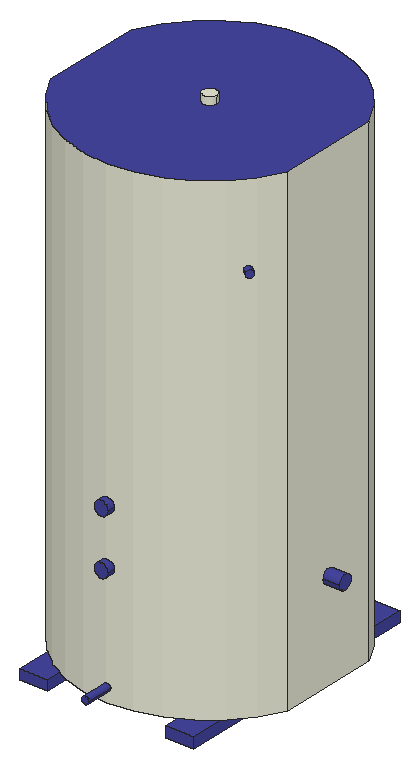
Revit family "REVIT-DWST-2018", category Mechanical Equipment, Revit 2018
Family settings
  Round Connector Dimension = Use Radius
  Part Type = Normal
  Work Plane-Based = No
  Always vertical = Yes
  Cut with Voids When Loaded = No
  Shared = No
  Room Calculation Point = No
Parameters (values of type "ADT-175-J")
  Weight = 855
  Unit Radius = Unit Diameter / 2  # 18 1/2"
  Unit Height = 71"
  Unit Diameter = 37"
  URL = "www.pvi.com"
  To Heater NPT = 2"
  SkidWidthBetweenCenters = 21"
  Skid Spacing = SkidWidthBetweenCenters - 4"  # 17"
  Skid Length = 37"
  Relief Radius = Relief NPT / 2  # 1/2"
  Relief NPT = 1"
  Relief Height = 59 5/16"
  Relief Extension = Unit Radius + 1"  # 19 1/2"
  Relief Angle = 38.00°
  Phone Number = "817-335-3419"
  Model = "L 175A-TR"
  Manway Access Radius = 6 1/2"
  Manway Acces Panel [instance] = Gallons Storage > 6.0881 m³  # no
  Manufacturer = "PVI Industries, LLC"
  Location [instance] = "Please Enter Installation Location"
  Hot Outlet Radius = Hot Outlet NPT / 2  # 1"
  Height to Upper Drain = 25.13957"
  Gallons Storage = 4.9554 m³
  From Heater Radius = From Heater NPT / 2  # 1"
  Hot Outlet NPT = 2"
  From Heater NPT = 2"
  From Heater Height = 19"
  From Heater Extension = Unit Radius + 1"  # 19 1/2"
  Hydronic Pressure Drop [instance] = 0.00 psi
  To Heater Radius = To Heater NPT / 2  # 1"
  To Heater Height = 27"
  To Heater Extension = Unit Radius + 1"  # 19 1/2"
  Hydronic Flow [instance] = 0 GPM
  Flat Side Distance = if(Unit Radius = 18 1/2", 34", 2 * Unit Radius - 1" / 256)  # 34"
  Drain Radius = Drain NPT / 2  # 1/2"
  Drain NPT = 1"
  Drain Height = 3 1/2"
  Drain Extension = Unit Radius + 3 7/8"  # 22 3/8"
  Drain Angle = 90.00°
  Domestic Water Pressure Drop [instance] = 0.00 psi
  Domestic Water Flow [instance] = 0 GPM
  Disclaimer = "This rendering is for building modeling purposes only. Submittal/catalog is still the contract document. PVI reserves the right to change design and specification without notice."
  Description = "Storage Tanks for Hot Water"
  Controll Access Angle = 45.00°
  Manway Access Extension = if(Unit Radius < 19", 1", Unit Radius + 3")  # 1"
  Cold Inlet Radius = Cold Inlet NPT / 2  # 1"
  Cold Inlet NPT = 2"
  Cold Inlet Height = 15 3/4"
  Cold Inlet Extension = Unit Radius + 1"  # 19 1/2"
  Assembly Code = "D3040400"
  Address = "3209 Galvez Ave., Fort Worth, TX 76111"
Types (8): name | Weight | Unit Radius | Unit Height | Unit Diameter | To Heater NPT | SkidWidthBetweenCenters | Skid Spacing | Skid Length | Relief Height | Relief Extension | Relief Angle | Model | Manway Acces Panel | Hot Outlet Radius | Gallons Storage | From Heater Radius | Hot Outlet NPT | From Heater NPT | From Heater Height | From Heater Extension | To Heater Radius | To Heater Height | To Heater Extension | Flat Side Distance | Drain Radius | Drain NPT | Drain Height | Drain Extension | Manway Access Extension | Cold Inlet Radius | Cold Inlet NPT | Cold Inlet Height | Cold Inlet Extension
  ADT-175-J | 855 | 18 1/2" | 71" | 37" | 2" | 21" | 17" | 37" | 59 5/16" | 19 1/2" | 38.00° | "L 175A-TR" | no | 1" | 4.9554 m³ | 1" | 2" | 2" | 19" | 19 1/2" | 1" | 27" | 19 1/2" | 34" | 1/2" | 1" | 3 1/2" | 22 3/8" | 1" | 1" | 2" | 15 3/4" | 19 1/2"
  ADT-215-J | 895 | 18 1/2" | 78" | 37" | 2" | 21" | 17" | 37" | 65 7/8" | 19 1/2" | 38.00° | "L 215A-TR" | no | 1" | 6.0881 m³ | 1" | 2" | 2" | 19" | 19 1/2" | 1" | 27" | 19 1/2" | 34" | 1/2" | 1" | 3 1/2" | 22 3/8" | 1" | 1" | 2" | 15 3/4" | 19 1/2"
  ADT-250-J | 945 | 23" | 63" | 46" | 2" | 31" | 27" | 46" | 46 1/4" | 24" | 45.00° | "L 250A-TR" | yes | 1" | 7.0792 m³ | 1" | 2" | 2" | 19" | 24" | 1" | 27" | 24" | 45 255/256" | 1/2" | 1" | 3 1/2" | 26 7/8" | 26" | 1" | 2" | 17 7/8" | 24"
  ADT-300-J | 1010 | 23" | 75" | 46" | 2" | 31" | 27" | 46" | 58 1/4" | 24" | 45.00° | "L 300A-TR" | yes | 1" | 8.4951 m³ | 1" | 2" | 2" | 19" | 24" | 1" | 27" | 24" | 45 255/256" | 1/2" | 1" | 3 1/2" | 26 7/8" | 26" | 1" | 2" | 17 7/8" | 24"
  ADT-400-J | 1070 | 23" | 87" | 46" | 2" | 31" | 27" | 46" | 70 1/4" | 24" | 45.00° | "L 400A-TR" | yes | 1" | 11.327 m³ | 1" | 2" | 2" | 19" | 24" | 1" | 27" | 24" | 45 255/256" | 1/2" | 1" | 3 1/2" | 26 7/8" | 26" | 1" | 2" | 17 7/8" | 24"
  ADT-500-J | 1415 | 28" | 78" | 56" | 3" | 31" | 27" | 54 1/2" | 59 1/2" | 29" | 38.00° | "L 500A-TR" | yes | 1 1/2" | 14.158 m³ | 1 1/2" | 3" | 3" | 24" | 29" | 1 1/2" | 32" | 29" | 55 255/256" | 3/4" | 1 1/2" | 3 3/4" | 31 7/8" | 31" | 1 1/2" | 3" | 19 3/4" | 29"
  ADT-600-J | 1605 | 28" | 90" | 56" | 3" | 31" | 27" | 54 1/2" | 71 1/2" | 29" | 38.00° | "L 600A-TR" | yes | 1 1/2" | 16.99 m³ | 1 1/2" | 3" | 3" | 24" | 29" | 1 1/2" | 32" | 29" | 55 255/256" | 3/4" | 1 1/2" | 3 3/4" | 31 7/8" | 31" | 1 1/2" | 3" | 19 3/4" | 29"
  ADT-750-J | 1770 | 33 1/2" | 83" | 67" | 3" | 40" | 36" | 68" | 62 1/4" | 34 1/2" | 45.00° | "L 750A-TR" | yes | 1 1/2" | 21.238 m³ | 1 1/2" | 3" | 3" | 24" | 34 1/2" | 1 1/2" | 32" | 34 1/2" | 66 255/256" | 3/4" | 1 1/2" | 3 3/4" | 37 3/8" | 36 1/2" | 1 1/2" | 3" | 22 1/2" | 34 1/2"
Reference planes (in)
  plane 1 "Center (Front/Back)": y = 0
  plane 2: z = 0
  plane 3 "Center (Left/Right)": x = 0
  plane 4 "TankBottom": z = 1.5
  plane 5 "DrainValve": z = 3.5
  plane 6 "ColdWaterInlet": z = 15.75
  plane 7 "Heater Circulate In": z = 19
  plane 8 "Heater Circulate Out": z = 27
  plane 9 "Relief Valve": z = 59.3125
  plane 10 "Unit Height": z = 71
  plane 11 "Control Access": z = 32
  plane 12 "UpperDrainValveAngle": through (0, 0, 90) normal (0.891, 0.454, 0)
Forms (in)
  Extrusion 1, solid, material "Pans"
    sketch origin (0, 0, 0) x (1, 0, 0) y (0, 1, 0)
      loop
        line (-12.5, 18.5) -> (-12.5, -18.5) -> (-8.5, -18.5) -> (-8.5, 18.5) -> (-12.5, 18.5)
      loop
        line (8.5, 18.5) -> (8.5, -18.5) -> (12.5, -18.5) -> (12.5, 18.5) -> (8.5, 18.5)
    from 0 to 1.5
  Extrusion 2, solid, material "Tank"
    sketch origin (-60, -180, 1.5) x (-1, 0, 0) y (0, -1, 0)
      loop
        line (-43, -187.29726) -> (-43, -172.70274)
        arc (-43, -172.70274) -> (-60, -161.5) -> (-77, -172.70274) r 18.5
        line (-77, -172.70274) -> (-77, -187.29726)
        arc (-77, -187.29726) -> (-60, -198.5) -> (-43, -187.29726) r 18.5
    from 0 to 69.5
  Sweep 3, solid, material "Tank"
    path in 3D
      loop
        line (0, 0, 3.5) -> (0, -22.375, 3.5)
    profile origin (0, -11.1875, 3.5) x (1, 0, 0) y (0, 0, 1)
      loop
        circle (0, 0) r 0.5
  Sweep 4, solid, material "Tank"
    path in 3D
      loop
        line (0, 0, 19) -> (0, -19.5, 19)
    profile origin (0, -9.75, 19) x (1, 0, 0) y (0, 0, 1)
      loop
        circle (0, 0) r 1
  Sweep 5, solid, material "Tank"
    path in 3D
      loop
        line (0, 0, 27) -> (0, -19.5, 27)
    profile origin (0, -9.75, 27) x (1, 0, 0) y (0, 0, 1)
      loop
        circle (0, 0) r 1
  Sweep 6, solid, material "Tank"
    path in 3D
      loop
        line (0, 0, 15.75) -> (19.5, 0, 15.75)
    profile origin (9.75, 0, 15.75) x (0, 1, 0) y (0, 0, 1)
      loop
        circle (0, 0) r 1
  Sweep 7, solid, material "Tank"
    path in 3D
      loop
        line (0, 0, 59.3125) -> (15.36621, -12.0054, 59.3125)
    profile origin (7.6831, -6.0027, 59.3125) x (0.615661, 0.788011, 0) y (0, 0, 1)
      loop
        circle (0, 0) r 0.5
  Extrusion 8, solid, material "Tank"
    sketch origin (0, 0, 71) x (-1, 0, 0) y (0, -1, 0)
      loop
        circle (0, 0) r 1
    from 0 to 1
  Sweep 9, solid, material "Tank"
    path in 3D
      loop
        line (0, 0, 32) -> (0.70711, 0.70711, 32)
    profile origin (0.35355, 0.35355, 32) x (-0.707107, 0.707107, 0) y (0, 0, 1)
      loop
        circle (0, 0.25) r 6.5
Cuts and joins
  joined: Extrusion 2, Sweep 3, Sweep 4, Sweep 5, Sweep 6, Sweep 7, Extrusion 8, Sweep 9
Lines and regions (in)
  reference lines
    curve 1: line (0, 0, 3.5) -> (0, -22.375, 3.5)
    curve 2: line (0, 0, 15.75) -> (19.5, 0, 15.75)
    curve 3: line (0, 0, 19) -> (0, -19.5, 19)
    curve 4: line (0, 0, 27) -> (0, -19.5, 27)
    curve 5: line (0, 0, 59.3125) -> (15.36621, -12.0054, 59.3125)
    curve 11: line (0, 0, 1.5) -> (0, 0, 71)
    curve 12: line (0, 0, 32) -> (0.70711, 0.70711, 32)
  sketch lines
    curve 6: line (0, 0, 3.5) -> (0, -22.375, 3.5)
    curve 7: line (0, 0, 19) -> (0, -19.5, 19)
    curve 8: line (0, 0, 27) -> (0, -19.5, 27)
    curve 9: line (0, 0, 15.75) -> (19.5, 0, 15.75)
    curve 10: line (0, 0, 59.3125) -> (15.36621, -12.0054, 59.3125)
    curve 13: line (0, 0, 32) -> (0.70711, 0.70711, 32)
Dimensions and locks (in)
  equal spacing: Extrusion 1 sketch curve, plane 3 "Center (Left/Right)", Extrusion 1 sketch curve
  Extrusion 1 sketch curve to Extrusion 1 sketch curve = 4"  (x2)
  "Skid Spacing": Extrusion 1 sketch curve to Extrusion 1 sketch curve
  "Skid Length": Extrusion 1 sketch curve to Extrusion 1 sketch curve
  equal spacing: Extrusion 1 sketch curve, plane 1 "Center (Front/Back)", Extrusion 1 sketch curve
  "Drain Extension": curve 1 to curve 1
  "Cold Inlet Extension": curve 2 to curve 2
  "From Heater Extension": curve 3 to curve 3
  "To Heater Extension": curve 4 to curve 4
  "Relief Extension": curve 5 to curve 5
  locked: plane 4 "TankBottom" to level at 1.5
  "Drain Height": plane 5 "DrainValve" to level
  "Cold Inlet Height": plane 6 "ColdWaterInlet" to level
  "From Heater Height": plane 7 "Heater Circulate In" to level
  "To Heater Height": plane 8 "Heater Circulate Out" to level
  "Relief Height": plane 9 "Relief Valve" to level
  equal spacing: Extrusion 2 sketch curve, plane 3 "Center (Left/Right)", Extrusion 2 sketch curve
  "Flat Side Distance": Extrusion 2 sketch curve to Extrusion 2 sketch curve
  "Unit Height": plane 10 "Unit Height" to level
  locked: plane 11 "Control Access" to level at 32
  "Manway Access Extension": curve 12 to curve 12
  "Drain Radius": radius of Sweep 3 sketch curve
  "From Heater Radius": radius of Sweep 4 sketch curve
  "To Heater Radius": radius of Sweep 5 sketch curve
  "Cold Inlet Radius": radius of Sweep 6 sketch curve
  "Relief Radius": radius of Sweep 7 sketch curve
  "Unit Radius": radius of Extrusion 2 sketch curve  (x2)
  "Hot Outlet Radius": radius of Extrusion 8 sketch curve
  "Manway Access Radius": radius of Sweep 9 sketch curve
  "Drain Angle": angle curve 1 to plane 1 "Center (Front/Back)"
  "Relief Angle": angle curve 5 to plane 1 "Center (Front/Back)"
  "Controll Access Angle": angle plane 1 "Center (Front/Back)" to curve 12
  angle plane 12 "UpperDrainValveAngle" to plane 1 "Center (Front/Back)" = 63.00°
  aligned and locked: Extrusion 1 sketch curve to Extrusion 1 sketch curve  (x2)
  aligned and locked: plane 1 "Center (Front/Back)" to curve 1
  aligned and locked: plane 3 "Center (Left/Right)" to curve 1
  aligned and locked: plane 3 "Center (Left/Right)" to curve 2
  aligned and locked: plane 1 "Center (Front/Back)" to curve 2
  aligned and locked: plane 1 "Center (Front/Back)" to curve 3
  aligned and locked: curve 3 to plane 3 "Center (Left/Right)"
  aligned and locked: plane 1 "Center (Front/Back)" to curve 4
  aligned and locked: curve 4 to plane 3 "Center (Left/Right)"
  aligned and locked: plane 1 "Center (Front/Back)" to curve 5
  aligned and locked: curve 5 to curve 4
  aligned and locked: plane 10 "Unit Height" to cut or joined group of Extrusion 2, Sweep 3, Sweep 4, Sweep 5, Sweep 6, Sweep 7, Extrusion 8, Sweep 9
  aligned and locked: plane 10 "Unit Height" to curve 11
  aligned and locked: plane 4 "TankBottom" to curve 11
  aligned and locked: plane 1 "Center (Front/Back)" to curve 11
  aligned and locked: plane 3 "Center (Left/Right)" to Extrusion 8 sketch curve
  aligned and locked: plane 1 "Center (Front/Back)" to Extrusion 8 sketch curve
Automatic sketch dimensions
  Sweep 3 sketch curve to profile plane = 0"  (x2)
  Sweep 4 sketch curve to profile plane = 0"  (x2)
  Sweep 5 sketch curve to profile plane = 0"  (x2)
  Sweep 6 sketch curve to profile plane = 0"  (x2)
  Sweep 7 sketch curve to profile plane = 0"  (x2)
  Sweep 9 sketch curve to profile plane = 0"
  profile plane to Sweep 9 sketch curve = 1/4"
  Extrusion 2 sketch curve to Extrusion 2 sketch curve = 0"  (x2)
  plane 1 "Center (Front/Back)" to Extrusion 2 sketch curve = 0"
  Extrusion 2 sketch curve to plane 3 "Center (Left/Right)" = 0"
  plane 1 "Center (Front/Back)" to curve 12 = 0"
  curve 12 to plane 3 "Center (Left/Right)" = 0"
Connectors (in)
  piping at (0, 0, 72), diameter 2, driven by "Domestic Water Flow", driven by "Domestic Water Pressure Drop", driven by "Hot Outlet Radius"
    settings: on cut or joined group of Extrusion 2, Sweep 3, Sweep 4, Sweep 5, Sweep 6, Sweep 7, Extrusion 8, Sweep 9, index 1, connector inside diameter 2", connector length 0", flow factor 0, pipe flow 0 GPM, pressure drop 0.00 psi, fitting loss kfactor 0, connector angle 0.00°, fixture units 0, engagement length 0", angle of deflection 0.00°, flow configuration 0, flow direction 2, fitting loss method 4, system type 19, joint type 0, gender type 0, connector reference index 2, connector utility 0, adjustable connector no, is connector primary yes, connector description "Potable Hot Water"
  piping at (19.5, 0, 15.75), diameter 2, driven by "Domestic Water Flow", driven by "Cold Inlet Radius"
    settings: on cut or joined group of Extrusion 2, Sweep 3, Sweep 4, Sweep 5, Sweep 6, Sweep 7, Extrusion 8, Sweep 9, index 2, connector inside diameter 2", connector length 0", flow factor 0, pipe flow 0 GPM, pressure drop 0.00 psi, fitting loss kfactor 0, connector angle 0.00°, fixture units 0, engagement length 0", angle of deflection 0.00°, flow configuration 0, flow direction 1, fitting loss method 0, system type 20, joint type 0, gender type 0, connector reference index 1, connector utility 0, adjustable connector no, is connector primary no, connector description "Potable Cold Water"
  piping at (0, -19.5, 27), diameter 2, driven by "Hydronic Flow", driven by "To Heater Radius"
    settings: on cut or joined group of Extrusion 2, Sweep 3, Sweep 4, Sweep 5, Sweep 6, Sweep 7, Extrusion 8, Sweep 9, index 3, connector inside diameter 2", connector length 0", flow factor 0, pipe flow 0 GPM, pressure drop 0.00 psi, fitting loss kfactor 0, connector angle 0.00°, fixture units 0, engagement length 0", angle of deflection 0.00°, flow configuration 0, flow direction 2, fitting loss method 0, system type 7, joint type 0, gender type 0, connector reference index 4, connector utility 0, adjustable connector no, is connector primary no, connector description "To Heater"
  piping at (0, -19.5, 19), diameter 2, driven by "Hydronic Flow", driven by "Hydronic Pressure Drop", driven by "From Heater Radius"
    settings: on cut or joined group of Extrusion 2, Sweep 3, Sweep 4, Sweep 5, Sweep 6, Sweep 7, Extrusion 8, Sweep 9, index 4, connector inside diameter 2", connector length 0", flow factor 0, pipe flow 0 GPM, pressure drop 0.00 psi, fitting loss kfactor 0, connector angle 0.00°, fixture units 0, engagement length 0", angle of deflection 0.00°, flow configuration 0, flow direction 1, fitting loss method 4, system type 8, joint type 0, gender type 0, connector reference index 3, connector utility 0, adjustable connector no, is connector primary no, connector description "From Heater"
  piping at (0, -22.375, 3.5), diameter 1, driven by "Drain Radius"
    settings: on cut or joined group of Extrusion 2, Sweep 3, Sweep 4, Sweep 5, Sweep 6, Sweep 7, Extrusion 8, Sweep 9, index 5, connector inside diameter 1", connector length 0", flow factor 0, pipe flow 0 GPM, pressure drop 0.00 psi, fitting loss kfactor 0, connector angle 0.00°, fixture units 0, engagement length 0", angle of deflection 0.00°, flow configuration 1, flow direction 2, fitting loss method 0, system type 16, joint type 0, gender type 0, connector reference index -1, connector utility 0, adjustable connector no, is connector primary no, connector description "Drain Connection"
  piping at (15.36621, -12.0054, 59.3125), diameter 1, driven by "Relief Radius"
    settings: on cut or joined group of Extrusion 2, Sweep 3, Sweep 4, Sweep 5, Sweep 6, Sweep 7, Extrusion 8, Sweep 9, index 6, connector inside diameter 1", connector length 0", flow factor 0, pipe flow 0 GPM, pressure drop 0.00 psi, fitting loss kfactor 0, connector angle 0.00°, fixture units 0, engagement length 0", angle of deflection 0.00°, flow configuration 1, flow direction 2, fitting loss method 0, system type 16, joint type 0, gender type 0, connector reference index -1, connector utility 0, adjustable connector no, is connector primary no, connector description "Relief Connection"
